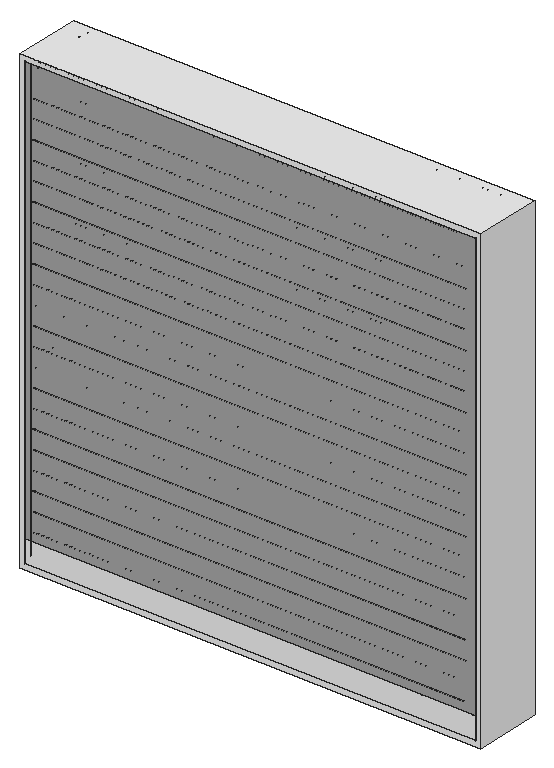
Revit family
Parameters (values of type "Louver_Wind-Drvn-Rn_ECD-745_All-Lite")
  URL = "http://www.alllite-louvers.com"
  Specifications = "http://www.alllite-louvers.com/catalog/AECD-745-csi-specification.doc"
  Spacing = 0.167 ft
  SmartBIM Object Version = 3  # constant formula
  SmartBIM Object Created By = "Reed Construction Data"  # constant formula
  Shim Thickness = 0.042 ft
  Screen Width = Width - (2 * Shim Thickness)  # 3.916 ft
  Screen Height = Height - (2 * Shim Thickness) - 0.197917 ft  # 3.718083 ft
  Screen = Aluminum
  Rough Width = 0.0 ft
  Rough Height = 0.0 ft
  Product URL = "http://www.alllite-louvers.com/catalog.php?model=ECD-745"
  Pressure Loss (in.wg.) = "0.50"  # constant formula
  OmniClass Title = "Exterior Louvers and Grilles"  # constant formula
  OmniClass Code = "23-60 11 17"  # constant formula
  Model Number = "ECD-745"  # constant formula
  Model = ""
  Minimum Size = "4.5\" x 6.5\""
  Maximum Size - Single Section = "60\" x 120\" or 120\" x 60\""
  Maximum Size - Multiple Section = "Unlimited"
  Manufacturer = "All-Lite"  # constant formula
  Louver Width = Width - (2 * Shim Thickness) - 2 * 0.067708 ft  # 3.780583 ft
  Louver = Mill finish, 6063-T5 Extruded Aluminum
  Installation = "http://www.alllite-louvers.com/catalog/Installation.pdf"
  Height = 4.0 ft
  Free Area for 48”x48” Louver = "52.5%"
  Free Area Velocity (fpm) = "1,197"  # constant formula
  Free Area (ft²) for 48"x48" Louver = 8.4 ft
  Frame = Mill finish, 6063-T5 Extruded Aluminum
  Default Sill Height = 3.0 ft
  Wall Closure = (empty or 0)
  Width = 4.0 ft
  Cut Sheet = "http://www.alllite-louvers.com/catalog/AECD745.pdf"
  Assembly Code = "B2010300"
  Air Volume Delivered (cfm) = "10,018"  # constant formula
  95 CSI = "10200 "  # constant formula
  04 CSI = "08 91 00"  # constant formula
  # of Louvers = (Height - 0.25 ft) / (Spacing)  # 22
Reference planes (ft)
  plane 1 "Center (Front/Back)": y = 0
  plane 2: z = 0.291667
  plane 3 "Center (Left/Right)": x = 0
  plane 4 "Left": x = -2
  plane 5 "Right": x = 2
  plane 6 "Sill": z = 3.291667
  plane 7 "Top": z = 7.291667
  plane 8: x = -1.958
  plane 9: x = 1.958
  plane 10: z = 7.249667
  plane 11: z = 3.333667
  plane 12: z = 5.291667
  plane 13: z = 3.417
  plane 14: z = 3.458667
  plane 15: z = 7.166333
  plane 16: z = 6.917708
  plane 17: x = -1.890292
  plane 18: x = 1.890292
Forms (ft)
  Sweep 1, solid, material "Mill finish, 6063-T5 Extruded Aluminum" <- "Frame"
    path origin (-5, 0.333333, 0) x (-1, 0, 0) y (0, 0, 1)
      loop
        line (-6.890292, 7.249667) -> (-3.109708, 7.249667)
    profile "Horizontal Mullion-1 : Horizontal Mullion-1" origin (0, 0.333333, 7.249667) x (0, 0, 1) y (0, 1, 0)
      loop
        line (-0.142259, -0.065762) -> (-0.137486, -0.070534) -> (-0.081526, -0.014574)
        arc (-0.081526, -0.014574) -> (-0.080431, -0.013843) -> (-0.079139, -0.013586) r 0.003375
        line (-0.079139, -0.013586) -> (-0.010875, -0.013586)
        arc (-0.010875, -0.013586) -> (-0.008489, -0.014574) -> (-0.0075, -0.016961) r 0.003375
        line (-0.0075, -0.016961) -> (-0.0075, -0.071626)
        arc (-0.0075, -0.071626) -> (-0.008489, -0.074012) -> (-0.010875, -0.075001) r 0.003375
        line (-0.010875, -0.075001) -> (-0.027583, -0.075001) -> (-0.027583, -0.081751) -> (-0.221042, -0.081751) -> (-0.221042, -0.013586) -> (-0.144458, -0.013586) -> (-0.144458, -0.006836) -> (-0.227792, -0.006836) -> (-0.227792, -0.088501) -> (-0.119922, -0.088501)
        arc (-0.119922, -0.088501) -> (-0.117535, -0.089489) -> (-0.116547, -0.091876) r 0.003375
        line (-0.116547, -0.091876) -> (-0.116547, -0.104255)
        arc (-0.116547, -0.104255) -> (-0.117106, -0.106115) -> (-0.118598, -0.107359) r 0.003375
        arc (-0.118598, -0.107359) -> (-0.126778, -0.117588) -> (-0.122761, -0.130054) r 0.013833
        arc (-0.122761, -0.130054) -> (-0.1191, -0.130727) -> (-0.117047, -0.127621) r 0.003375
        arc (-0.117047, -0.127621) -> (-0.117316, -0.1263) -> (-0.118082, -0.125189) r 0.003375
        arc (-0.118082, -0.125189) -> (-0.113172, -0.113001) -> (-0.108261, -0.125189) r 0.007083
        arc (-0.108261, -0.125189) -> (-0.109027, -0.1263) -> (-0.109297, -0.127621) r 0.003375
        arc (-0.109297, -0.127621) -> (-0.107243, -0.130727) -> (-0.103582, -0.130054) r 0.003375
        arc (-0.103582, -0.130054) -> (-0.099565, -0.117588) -> (-0.107745, -0.107359) r 0.013833
        arc (-0.107745, -0.107359) -> (-0.109237, -0.106115) -> (-0.109797, -0.104255) r 0.003375
        line (-0.109797, -0.104255) -> (-0.109797, -0.091876)
        arc (-0.109797, -0.091876) -> (-0.108808, -0.089489) -> (-0.106422, -0.088501) r 0.003375
        line (-0.106422, -0.088501) -> (-0.06925, -0.088501) -> (-0.06925, -0.095251) -> (-0.046442, -0.095251)
        arc (-0.046442, -0.095251) -> (-0.044055, -0.096239) -> (-0.043067, -0.098626) r 0.003375
        line (-0.043067, -0.098626) -> (-0.043067, -0.104255)
        arc (-0.043067, -0.104255) -> (-0.043626, -0.106115) -> (-0.045118, -0.107359) r 0.003375
        arc (-0.045118, -0.107359) -> (-0.053298, -0.117588) -> (-0.049281, -0.130054) r 0.013833
        arc (-0.049281, -0.130054) -> (-0.04562, -0.130727) -> (-0.043567, -0.127621) r 0.003375
        arc (-0.043567, -0.127621) -> (-0.043836, -0.1263) -> (-0.044602, -0.125189) r 0.003375
        arc (-0.044602, -0.125189) -> (-0.039692, -0.113001) -> (-0.034781, -0.125189) r 0.007083
        arc (-0.034781, -0.125189) -> (-0.035547, -0.1263) -> (-0.035817, -0.127621) r 0.003375
        arc (-0.035817, -0.127621) -> (-0.033763, -0.130727) -> (-0.030102, -0.130054) r 0.003375
        arc (-0.030102, -0.130054) -> (-0.026085, -0.117588) -> (-0.034266, -0.107359) r 0.013833
        arc (-0.034266, -0.107359) -> (-0.035758, -0.106115) -> (-0.036317, -0.104255) r 0.003375
        line (-0.036317, -0.104255) -> (-0.036317, -0.098626)
        arc (-0.036317, -0.098626) -> (-0.035328, -0.096239) -> (-0.032942, -0.095251) r 0.003375
        line (-0.032942, -0.095251) -> (-0.010875, -0.095251)
        arc (-0.010875, -0.095251) -> (-0.008489, -0.096239) -> (-0.0075, -0.098626) r 0.003375
        line (-0.0075, -0.098626) -> (-0.0075, -0.5253)
        arc (-0.0075, -0.5253) -> (-0.008489, -0.527687) -> (-0.010875, -0.528675) r 0.003375
        line (-0.010875, -0.528675) -> (-0.023858, -0.528675)
        arc (-0.023858, -0.528675) -> (-0.025719, -0.528116) -> (-0.026963, -0.526624) r 0.003375
        arc (-0.026963, -0.526624) -> (-0.037191, -0.518444) -> (-0.049657, -0.52246) r 0.013833
        arc (-0.049657, -0.52246) -> (-0.05033, -0.526122) -> (-0.047225, -0.528175) r 0.003375
        arc (-0.047225, -0.528175) -> (-0.045903, -0.527906) -> (-0.044793, -0.52714) r 0.003375
        arc (-0.044793, -0.52714) -> (-0.032604, -0.53205) -> (-0.044793, -0.53696) r 0.007083
        arc (-0.044793, -0.53696) -> (-0.045903, -0.536195) -> (-0.047225, -0.535925) r 0.003375
        arc (-0.047225, -0.535925) -> (-0.05033, -0.537978) -> (-0.049657, -0.54164) r 0.003375
        arc (-0.049657, -0.54164) -> (-0.037191, -0.545656) -> (-0.026963, -0.537476) r 0.013833
        arc (-0.026963, -0.537476) -> (-0.025719, -0.535984) -> (-0.023858, -0.535425) r 0.003375
        line (-0.023858, -0.535425) -> (-0.010875, -0.535425)
        arc (-0.010875, -0.535425) -> (-0.008489, -0.536414) -> (-0.0075, -0.5388) r 0.003375
        line (-0.0075, -0.5388) -> (-0.0075, -0.573208)
        arc (-0.0075, -0.573208) -> (-0.008489, -0.575595) -> (-0.010875, -0.576583) r 0.003375
        line (-0.010875, -0.576583) -> (-0.0625, -0.576583) -> (-0.0625, -0.583333) -> (0, -0.583333) -> (0, -0.006836) -> (-0.080537, -0.006836)
        arc (-0.080537, -0.006836) -> (-0.083121, -0.00735) -> (-0.08531, -0.008813) r 0.00675
        line (-0.08531, -0.008813) -> (-0.142259, -0.065762)
  Sweep 2, solid, material "Mill finish, 6063-T5 Extruded Aluminum" <- "Frame"
    path origin (-5, 0.333333, 0) x (-1, 0, 0) y (0, 0, 1)
      loop
        line (-6.958, 3.333667) -> (-3.042, 3.333667)
    profile "Horizontal Mullion : Horizontal Mullion" origin (0, 0.333333, 3.333667) x (0, 0, 1) y (0, 1, 0)
      loop
        line (0, 0) -> (0, -0.041545) -> (0.00675, -0.041545) -> (0.00675, -0.006628) -> (0.076583, -0.006628) -> (0.076583, -0.583333) -> (0.00675, -0.583333) -> (0.00675, -0.548417) -> (0, -0.548417) -> (0, -0.590083) -> (0.197917, -0.590083) -> (0.197917, -0.583333) -> (0.083333, -0.583333) -> (0.083333, 0) -> (0, 0)
  Sweep 3, solid, material "Mill finish, 6063-T5 Extruded Aluminum" <- "Frame"
    path origin (-5, 0.333333, 0) x (-1, 0, 0) y (0, 0, 1)
      loop
        line (-6.958, 3.417) -> (-6.958, 7.249667)
    profile "Vertical Mullion : Vertical Mullion" origin (1.958, 0.333333, 5.333333) x (1, 0, 0) y (0, 1, 0)
      loop
        line (-0.067708, -0.576583) -> (-0.052083, -0.576583) -> (-0.052083, -0.583333) -> (0, -0.583333) -> (0, -0.55575) -> (-0.00675, -0.55575) -> (-0.00675, -0.576583) -> (-0.045333, -0.576583) -> (-0.045333, -0.569833) -> (-0.060208, -0.569833) -> (-0.060208, -0.0885) -> (0, -0.0885) -> (0, 0) -> (-0.083333, 0) -> (-0.083333, -0.00675) -> (-0.067708, -0.00675) -> (-0.067708, -0.022375) -> (-0.060958, -0.022375) -> (-0.060958, -0.00675) -> (-0.00675, -0.00675) -> (-0.00675, -0.08175) -> (-0.067708, -0.08175) -> (-0.067708, -0.576583)
  Sweep 4, solid, material "Mill finish, 6063-T5 Extruded Aluminum" <- "Frame"
    path origin (5, 0.333333, 0) x (1, 0, 0) y (0, 0, -1)
      loop
        line (-6.958, -3.417) -> (-6.958, -7.249667)
    profile "Vertical Mullion : Vertical Mullion" origin (-1.958, 0.333333, 5.333333) x (1, 0, 0) y (0, 1, 0)
      loop
        line (0.067708, -0.576583) -> (0.067708, -0.08175) -> (0.00675, -0.08175) -> (0.00675, -0.00675) -> (0.060958, -0.00675) -> (0.060958, -0.022375) -> (0.067708, -0.022375) -> (0.067708, -0.00675) -> (0.083333, -0.00675) -> (0.083333, 0) -> (0, 0) -> (0, -0.0885) -> (0.060208, -0.0885) -> (0.060208, -0.569833) -> (0.045333, -0.569833) -> (0.045333, -0.576583) -> (0.00675, -0.576583) -> (0.00675, -0.55575) -> (0, -0.55575) -> (0, -0.583333) -> (0.052083, -0.583333) -> (0.052083, -0.576583) -> (0.067708, -0.576583)
  Sweep 5, solid, material "Mill finish, 6063-T5 Extruded Aluminum" <- "Frame"
    path origin (-5, 0.333333, 0) x (-1, 0, 0) y (0, 0, 1)
      loop
        line (-3, 7.291667) -> (-7, 7.291667) -> (-7, 3.291667) -> (-3, 3.291667) -> (-3, 7.291667)
    profile origin (-2, 0.333333, 5.291667) x (0, 1, 0) y (-1, 0, 0)
      loop
        line (0, 0) -> (-0.590083, 0) -> (-0.590083, -0.042) -> (0, -0.042) -> (0, 0)
  Extrusion 6, solid, material "Aluminum" <- "Screen"
    sketch origin (-5, 0.333333, 0) x (-1, 0, 0) y (0, 0, 1)
      loop
        line (-3.042, 7.249667) -> (-6.958, 7.249667) -> (-6.958, 3.53125) -> (-3.042, 3.53125) -> (-3.042, 7.249667)
    from -0.590083 to -0.583333
Lines and regions (ft)
  Opening 1
    outline origin (-5, -0.333333, 0) x (1, 0, 0) y (0, 0, 1)
      loop
        line (3, 7.291667) -> (3, 3.291667) -> (7, 3.291667) -> (7, 7.291667) -> (3, 7.291667)
  Masking region 1, detail levels coarse+medium
    outline origin (0, 0, 0) x (1, 0, 0) y (0, 1, 0)
      loop
        line (-2, 0.333333) -> (-2, -0.25675) -> (-1.890292, -0.25675) -> (-1.890292, 0.333333) -> (-2, 0.333333)
      loop
        line (2, -0.25675) -> (2, 0.333333) -> (1.890292, 0.333333) -> (1.890292, -0.25675) -> (2, -0.25675)
  Masking region 2, detail levels fine
    outline origin (0, 0, 0) x (1, 0, 0) y (0, 1, 0)
      loop
        line (1.897792, -0.2365) -> (1.897792, 0.244833) -> (1.958, 0.244833) -> (1.958, 0.333333) -> (1.874667, 0.333333) -> (1.874667, 0.326583) -> (1.890292, 0.326583) -> (1.890292, 0.310958) -> (1.897042, 0.310958) -> (1.897042, 0.326583) -> (1.95125, 0.326583) -> (1.95125, 0.251583) -> (1.890292, 0.251583) -> (1.890292, -0.24325) -> (1.905917, -0.24325) -> (1.905917, -0.25) -> (1.958, -0.25) -> (1.958, -0.222417) -> (1.95125, -0.222417) -> (1.95125, -0.24325) -> (1.912667, -0.24325) -> (1.912667, -0.2365) -> (1.897792, -0.2365)
      loop
        line (-1.95125, 0.251583) -> (-1.95125, 0.326583) -> (-1.897042, 0.326583) -> (-1.897042, 0.310958) -> (-1.890292, 0.310958) -> (-1.890292, 0.326583) -> (-1.874667, 0.326583) -> (-1.874667, 0.333333) -> (-1.958, 0.333333) -> (-1.958, 0.244833) -> (-1.897792, 0.244833) -> (-1.897792, -0.2365) -> (-1.912667, -0.2365) -> (-1.912667, -0.24325) -> (-1.95125, -0.24325) -> (-1.95125, -0.222417) -> (-1.958, -0.222417) -> (-1.958, -0.25) -> (-1.905917, -0.25) -> (-1.905917, -0.24325) -> (-1.890292, -0.24325) -> (-1.890292, 0.251583) -> (-1.95125, 0.251583)
Text (ft)
  text "EXTERIOR" at (-4.890733, 4.242245, 0), in view "Ref. Level"
  text "INTERIOR" at (-4.890733, -3.147199, 0), in view "Ref. Level"
  text "Exterior" at (0, 3.638026, 10.266337), in view "Left"
  text "Exterior" at (0, 1.524487, 10.420622), in view "Right"
Dimensions and locks (ft)
  equal spacing: plane 4 "Left", plane 3 "Center (Left/Right)", plane 5 "Right"
  "Width": plane 4 "Left" to plane 5 "Right"
  "Height": plane 6 "Sill" to plane 7 "Top"
  "Default Sill Height": plane 2 to plane 6 "Sill"
  "Shim Thickness": plane 4 "Left" to plane 8
  "Shim Thickness": plane 9 to plane 5 "Right"
  "Shim Thickness": plane 10 to plane 7 "Top"
  "Shim Thickness": plane 6 "Sill" to plane 11
  equal spacing: plane 11, plane 12, plane 10
  locked: plane 13 to plane 11 at 0.083333
  locked: plane 14 to plane 13 at 0.041667
  locked: plane 10 to plane 15 at 0.083333
  locked: plane 15 to plane 16 at 0.248625
  Extrusion 6 to plane 6 "Sill" = 0.239583 ft
  locked: plane 8 to plane 17 at 0.067708
  locked: plane 18 to plane 9 at 0.067708
  equal spacing: group 1, group 3, group 4, group 5, group 6, group 7, group 8, group 9, group 10, group 11, group 12, group 13, group 14, group 15, group 16, group 17, group 18, group 19, group 20, group 21, group 22, group 2  (x3)
  aligned and locked: plane 7 "Top" to Opening 1 sketch curve
  aligned and locked: plane 6 "Sill" to Opening 1 sketch curve  (x2)
  aligned and locked: plane 5 "Right" to Opening 1 sketch curve
  aligned and locked: plane 4 "Left" to Opening 1 sketch curve
  aligned and locked: plane 10 to Sweep 1 sketch curve
  aligned and locked: Sweep 2 sketch curve to plane 11
  aligned and locked: plane 9 to Sweep 2 sketch curve
  aligned and locked: plane 8 to Sweep 2 sketch curve
  aligned and locked: plane 9 to Sweep 3 sketch curve
  aligned and locked: Sweep 4 sketch curve to plane 8
  aligned and locked: Sweep 5 sketch curve to plane 4 "Left"
  aligned and locked: Sweep 5 sketch curve to plane 7 "Top"
  aligned and locked: Sweep 5 sketch curve to plane 6 "Sill"
  aligned and locked: Sweep 5 sketch curve to plane 5 "Right"
  aligned and locked: Sweep 5 sketch curve to host wall  (x2)
  aligned and locked: plane 8 to Sweep 5 sketch curve
  aligned and locked: Sweep 5 to Extrusion 6 sketch curve  (x2)
  aligned and locked: Sweep 5 to Extrusion 6
  aligned and locked: plane 3 "Center (Left/Right)" to nested 1
  aligned and locked: plane 14 to nested 1
  aligned and locked: plane 10 to Sweep 4 sketch curve
  aligned and locked: plane 10 to Sweep 3 sketch curve
  aligned and locked: Sweep 4 to Sweep 1 sketch curve
  aligned and locked: nested 1 to Sweep 4
  aligned and locked: nested 2 to plane 16
  aligned and locked: nested 2 to Sweep 4
  aligned and locked: plane 3 "Center (Left/Right)" to nested 2
  aligned and locked: plane 10 to Extrusion 6 sketch curve
  aligned and locked: Masking region 1 sketch curve to Sweep 5  (x3)
  aligned and locked: Sweep 5 to Masking region 1 sketch curve  (x2)
  aligned and locked: Masking region 1 sketch curve to Sweep 4
  aligned and locked: Masking region 1 sketch curve to plane 5 "Right"
  aligned and locked: Masking region 1 sketch curve to Sweep 3
  aligned and locked: Masking region 2 sketch curve to Sweep 3  (x20)
  aligned and locked: Masking region 2 sketch curve to Extrusion 6
  aligned and locked: Masking region 2 sketch curve to nested 5
  aligned and locked: Masking region 2 sketch curve to Sweep 4  (x22)
  aligned: Extrusion 6 to Sweep 2
  aligned and locked: Extrusion 6 to Sweep 4
  aligned and locked: Extrusion 6 to Sweep 1
  aligned and locked: Sweep 3 to Extrusion 6
Automatic sketch dimensions
  Extrusion 6 sketch curve to plane 6 "Sill" = 0.239583 ft
  Sweep 1 sketch curve to plane 18 = 0.0 ft
  Sweep 3 sketch curve to plane 13 = 0.0 ft
  Sweep 4 sketch curve to plane 13 = 0.0 ft
  Sweep 5 sketch curve to profile plane = 0.590083 ft
Nested families (ft)
  nested 1: "Louver" at (0, 0.03866, 3.458667), type "Louver"
    with Louver Length 3.780583 ft
  nested 2: "Louver" at (0, 0.03866, 6.834375), type "Louver"
    with Louver Length 3.780583 ft
  nested 3: "Louver" at (0, 0.03866, 3.619415), type "Louver"
    with Louver Length 3.780583 ft
  nested 4: "Louver" at (0, 0.03866, 3.780163), type "Louver"
    with Louver Length 3.780583 ft
  nested 5: "Louver" at (0, 0.03866, 3.940911), type "Louver"
    with Louver Length 3.780583 ft
  nested 6: "Louver" at (0, 0.03866, 4.101659), type "Louver"
    with Louver Length 3.780583 ft
  nested 7: "Louver" at (0, 0.03866, 4.262407), type "Louver"
    with Louver Length 3.780583 ft
  nested 8: "Louver" at (0, 0.03866, 4.423155), type "Louver"
    with Louver Length 3.780583 ft
  nested 9: "Louver" at (0, 0.03866, 4.583903), type "Louver"
    with Louver Length 3.780583 ft
  nested 10: "Louver" at (0, 0.03866, 4.744651), type "Louver"
    with Louver Length 3.780583 ft
  nested 11: "Louver" at (0, 0.03866, 4.905399), type "Louver"
    with Louver Length 3.780583 ft
  nested 12: "Louver" at (0, 0.03866, 5.066147), type "Louver"
    with Louver Length 3.780583 ft
  nested 13: "Louver" at (0, 0.03866, 5.226895), type "Louver"
    with Louver Length 3.780583 ft
  nested 14: "Louver" at (0, 0.03866, 5.387643), type "Louver"
    with Louver Length 3.780583 ft
  nested 15: "Louver" at (0, 0.03866, 5.548391), type "Louver"
    with Louver Length 3.780583 ft
  nested 16: "Louver" at (0, 0.03866, 5.709139), type "Louver"
    with Louver Length 3.780583 ft
  nested 17: "Louver" at (0, 0.03866, 5.869887), type "Louver"
    with Louver Length 3.780583 ft
  nested 18: "Louver" at (0, 0.03866, 6.030635), type "Louver"
    with Louver Length 3.780583 ft
  nested 19: "Louver" at (0, 0.03866, 6.191383), type "Louver"
    with Louver Length 3.780583 ft
  nested 20: "Louver" at (0, 0.03866, 6.352131), type "Louver"
    with Louver Length 3.780583 ft
  nested 21: "Louver" at (0, 0.03866, 6.512879), type "Louver"
    with Louver Length 3.780583 ft
  nested 22: "Louver" at (0, 0.03866, 6.673627), type "Louver"
    with Louver Length 3.780583 ft
Connectors (ft)
  hvac at (0, -0.25675, 5.390458), driven by "Screen Width", driven by "Screen Height"
    settings: on Extrusion 6, index 1
Definition of nested family "Louver"
  Parameters (values of type "Louver")
    q = 0.575846 ft
    Louver Length = 1.270833 ft
    Louver Array = yes
    Louver = none
    Assembly Code = ""
  Reference planes (ft)
    plane 1 "Center (Front/Back)": y = 0
    plane 2: z = 0
    plane 3 "Center (Left/Right)": x = 0
    plane 4: x = -0.635417
    plane 5: x = 0.635417
    plane 6: y = 0.287923
    plane 7: y = -0.287923
    plane 8: z = 0.207091
    plane 9: z = 0.083333
    plane 10: z = 0.020794
  Forms (ft)
    Extrusion 1, solid, material <- "Louver"
      sketch origin (0, 0, 0) x (0, 1, 0) y (0, 0, 1)
        loop
          arc (-0.09494, 0.055485) -> (-0.059509, 0.067237) -> (-0.029873, 0.089936) r 0.1125
          line (-0.029873, 0.089936) -> (0.008124, 0.130683)
          arc (0.008124, 0.130683) -> (0.041893, 0.15231) -> (0.081899, 0.155048) r 0.080833
          arc (0.081899, 0.155048) -> (0.140446, 0.135362) -> (0.191129, 0.100055) r 0.218167
          line (0.191129, 0.100055) -> (0.211385, 0.081166) -> (0.230913, 0.062956) -> (0.274446, 0.022361)
          arc (0.274446, 0.022361) -> (0.276286, 0.0212) -> (0.278424, 0.020794) r 0.005833
          line (0.278424, 0.020794) -> (0.28209, 0.020794)
          arc (0.28209, 0.020794) -> (0.286215, 0.022502) -> (0.287923, 0.026627) r 0.005833
          line (0.287923, 0.026627) -> (0.287923, 0.079166)
          arc (0.287923, 0.079166) -> (0.283757, 0.083333) -> (0.27959, 0.079166) r 0.004167
          line (0.27959, 0.079166) -> (0.27959, 0.035666)
          arc (0.27959, 0.035666) -> (0.277836, 0.032992) -> (0.274684, 0.033533) r 0.002917
          line (0.274684, 0.033533) -> (0.196812, 0.10615)
          arc (0.196812, 0.10615) -> (0.136533, 0.146483) -> (0.066596, 0.165696) r 0.2265
          line (0.066596, 0.165696) -> (0.068105, 0.170078)
          arc (0.068105, 0.170078) -> (0.065872, 0.173284) -> (0.062453, 0.171392) r 0.002917
          arc (0.062453, 0.171392) -> (0.049143, 0.171155) -> (0.059187, 0.179892) r 0.007083
          arc (0.059187, 0.179892) -> (0.063261, 0.18125) -> (0.061566, 0.185196) r 0.002917
          arc (0.061566, 0.185196) -> (0.060709, 0.186125) -> (0.060997, 0.187356) r 0.001349
          arc (0.060997, 0.187356) -> (0.083465, 0.198656) -> (0.107434, 0.19104) r 0.033333
          line (0.107434, 0.19104) -> (0.116298, 0.19104)
          arc (0.116298, 0.19104) -> (0.117439, 0.191779) -> (0.117232, 0.193121) r 0.00125
          arc (0.117232, 0.193121) -> (0.08659, 0.207091) -> (0.055628, 0.193844) r 0.041667
          line (0.055628, 0.193844) -> (0.048946, 0.186678) -> (-0.035968, 0.095619)
          arc (-0.035968, 0.095619) -> (-0.075547, 0.069137) -> (-0.122777, 0.063037) r 0.104167
          arc (-0.122777, 0.063037) -> (-0.148856, 0.067722) -> (-0.172909, 0.078835) r 0.104167
          arc (-0.172909, 0.078835) -> (-0.224728, 0.113292) -> (-0.278101, 0.145289) r 1.330609
          arc (-0.278101, 0.145289) -> (-0.279181, 0.146358) -> (-0.279577, 0.147825) r 0.002917
          line (-0.279577, 0.147825) -> (-0.279577, 0.183294)
          arc (-0.279577, 0.183294) -> (-0.283743, 0.187461) -> (-0.28791, 0.183294) r 0.004167
          line (-0.28791, 0.183294) -> (-0.28791, 0.144669)
          arc (-0.28791, 0.144669) -> (-0.287115, 0.141728) -> (-0.284946, 0.13959) r 0.005833
          arc (-0.284946, 0.13959) -> (-0.230419, 0.10703) -> (-0.177517, 0.071889) r 1.322276
          arc (-0.177517, 0.071889) -> (-0.152644, 0.060187) -> (-0.125676, 0.054867) r 0.1125
          arc (-0.125676, 0.054867) -> (-0.124301, 0.054208) -> (-0.123743, 0.052789) r 0.002083
          line (-0.123743, 0.052789) -> (-0.123743, 0.005833)
          arc (-0.123743, 0.005833) -> (-0.121566, 0.001288) -> (-0.11666, 0.000136) r 0.005833
          arc (-0.11666, 0.000136) -> (-0.113674, 0.000264) -> (-0.111144, 0.001855) r 0.005833
          line (-0.111144, 0.001855) -> (-0.088591, 0.02604)
          arc (-0.088591, 0.02604) -> (-0.088796, 0.031929) -> (-0.094685, 0.031724) r 0.004167
          line (-0.094685, 0.031724) -> (-0.11036, 0.014914)
          arc (-0.11036, 0.014914) -> (-0.113562, 0.01419) -> (-0.11541, 0.016903) r 0.002917
          line (-0.11541, 0.016903) -> (-0.11541, 0.036537)
          arc (-0.11541, 0.036537) -> (-0.114812, 0.037648) -> (-0.113555, 0.037761) r 0.001332
          arc (-0.113555, 0.037761) -> (-0.110876, 0.036946) -> (-0.108084, 0.036728) r 0.012917
          arc (-0.108084, 0.036728) -> (-0.105257, 0.039732) -> (-0.108262, 0.042558) r 0.002917
          arc (-0.108262, 0.042558) -> (-0.113494, 0.05464) -> (-0.101397, 0.049443) r 0.007083
          arc (-0.101397, 0.049443) -> (-0.098562, 0.046447) -> (-0.095566, 0.049282) r 0.002917
          arc (-0.095566, 0.049282) -> (-0.095686, 0.051427) -> (-0.096159, 0.053523) r 0.012917
          arc (-0.096159, 0.053523) -> (-0.096001, 0.054784) -> (-0.09494, 0.055485) r 0.001522
      from -0.635417 to 0.635417
  Dimensions and locks (ft)
    equal spacing: plane 4, plane 3 "Center (Left/Right)", plane 5
    "Louver Length": plane 4 to plane 5
    "q": plane 7 to plane 6
    equal spacing: plane 7, plane 1 "Center (Front/Back)", plane 6
    aligned and locked: plane 5 to Extrusion 1
    aligned and locked: Extrusion 1 to plane 4
    aligned: plane 10 to Extrusion 1
  Automatic sketch dimensions
    Extrusion 1 sketch curve to Extrusion 1 sketch curve = 0.0 ft  (x30)
    level to Extrusion 1 sketch curve = 0.000136 ft
    Extrusion 1 sketch curve to plane 6 = 0.0 ft
    Extrusion 1 sketch curve to Extrusion 1 sketch curve = 0.004167 ft  (x2)
    Extrusion 1 sketch curve to Extrusion 1 sketch curve = 0.005833 ft
    Extrusion 1 sketch curve to Extrusion 1 sketch curve = 0.003666 ft
    Extrusion 1 sketch curve to Extrusion 1 sketch curve = 0.002917 ft  (x2)
    Extrusion 1 sketch curve to Extrusion 1 sketch curve = 0.001989 ft
    Extrusion 1 sketch curve to Extrusion 1 sketch curve = 0.003978 ft
    Extrusion 1 sketch curve to Extrusion 1 sketch curve = 0.048677 ft
    Extrusion 1 sketch curve to Extrusion 1 sketch curve = 0.019528 ft
    Extrusion 1 sketch curve to Extrusion 1 sketch curve = 0.014573 ft
    Extrusion 1 sketch curve to Extrusion 1 sketch curve = 0.005683 ft
    Extrusion 1 sketch curve to plane 8 = 0.01397 ft
    Extrusion 1 sketch curve to Extrusion 1 sketch curve = 0.000934 ft
    Extrusion 1 sketch curve to Extrusion 1 sketch curve = 0.008865 ft
    Extrusion 1 sketch curve to Extrusion 1 sketch curve = 0.021332 ft
    Extrusion 1 sketch curve to Extrusion 1 sketch curve = 0.004202 ft
    Extrusion 1 sketch curve to Extrusion 1 sketch curve = 0.015304 ft
    Extrusion 1 sketch curve to Extrusion 1 sketch curve = 0.001509 ft
    Extrusion 1 sketch curve to plane 1 "Center (Front/Back)" = 0.067242 ft
    Extrusion 1 sketch curve to Extrusion 1 sketch curve = 0.002894 ft
    Extrusion 1 sketch curve to Extrusion 1 sketch curve = 0.002758 ft
    Extrusion 1 sketch curve to Extrusion 1 sketch curve = 0.00044 ft
    Extrusion 1 sketch curve to Extrusion 1 sketch curve = 0.000447 ft
    Extrusion 1 sketch curve to Extrusion 1 sketch curve = 0.001016 ft
    Extrusion 1 sketch curve to Extrusion 1 sketch curve = 0.000966 ft  (x2)
    Extrusion 1 sketch curve to Extrusion 1 sketch curve = 0.001413 ft
    Extrusion 1 sketch curve to Extrusion 1 sketch curve = 0.003432 ft
    Extrusion 1 sketch curve to Extrusion 1 sketch curve = 0.005369 ft
    Extrusion 1 sketch curve to plane 8 = 0.020413 ft
    Extrusion 1 sketch curve to Extrusion 1 sketch curve = 0.006682 ft
    Extrusion 1 sketch curve to plane 1 "Center (Front/Back)" = 0.04234 ft
    Extrusion 1 sketch curve to plane 1 "Center (Front/Back)" = 0.008124 ft
    plane 1 "Center (Front/Back)" to Extrusion 1 sketch curve = 0.029873 ft
    Extrusion 1 sketch curve to Extrusion 1 sketch curve = 0.006095 ft  (x2)
    level to Extrusion 1 sketch curve = 0.02604 ft
    Extrusion 1 sketch curve to Extrusion 1 sketch curve = 0.058717 ft
    Extrusion 1 sketch curve to Extrusion 1 sketch curve = 0.003047 ft  (x2)
    level to Extrusion 1 sketch curve = 0.031724 ft
    Extrusion 1 sketch curve to Extrusion 1 sketch curve = 0.000022 ft
    Extrusion 1 sketch curve to Extrusion 1 sketch curve = 0.000233 ft
    Extrusion 1 sketch curve to Extrusion 1 sketch curve = 0.000859 ft
    Extrusion 1 sketch curve to Extrusion 1 sketch curve = 0.001452 ft
    Extrusion 1 sketch curve to Extrusion 1 sketch curve = 0.002916 ft
    Extrusion 1 sketch curve to Extrusion 1 sketch curve = 0.013398 ft
    Extrusion 1 sketch curve to Extrusion 1 sketch curve = 0.000089 ft
    Extrusion 1 sketch curve to Extrusion 1 sketch curve = 0.000216 ft
    level to Extrusion 1 sketch curve = 0.014914 ft
    Extrusion 1 sketch curve to Extrusion 1 sketch curve = 0.002277 ft
    level to Extrusion 1 sketch curve = 0.001855 ft
    Extrusion 1 sketch curve to Extrusion 1 sketch curve = 0.000784 ft
    Extrusion 1 sketch curve to plane 8 = 0.04043 ft
    Extrusion 1 sketch curve to Extrusion 1 sketch curve = 0.076183 ft
    Extrusion 1 sketch curve to Extrusion 1 sketch curve = 0.002133 ft
    Extrusion 1 sketch curve to Extrusion 1 sketch curve = 0.005471 ft
    Extrusion 1 sketch curve to Extrusion 1 sketch curve = 0.000523 ft
    Extrusion 1 sketch curve to Extrusion 1 sketch curve = 0.005516 ft
    Extrusion 1 sketch curve to Extrusion 1 sketch curve = 0.005398 ft
    Extrusion 1 sketch curve to Extrusion 1 sketch curve = 0.014299 ft
    Extrusion 1 sketch curve to Extrusion 1 sketch curve = 0.001933 ft
    Extrusion 1 sketch curve to Extrusion 1 sketch curve = 0.000151 ft
    Extrusion 1 sketch curve to Extrusion 1 sketch curve = 0.050131 ft
    Extrusion 1 sketch curve to Extrusion 1 sketch curve = 0.004608 ft
    Extrusion 1 sketch curve to plane 7 = 0.011263 ft
    Extrusion 1 sketch curve to Extrusion 1 sketch curve = 0.001441 ft
    Extrusion 1 sketch curve to plane 7 = 0.008346 ft
    Extrusion 1 sketch curve to Extrusion 1 sketch curve = 0.003976 ft
    Extrusion 1 sketch curve to plane 7 = 0.002977 ft
    plane 7 to Extrusion 1 sketch curve = 0.647473 ft
    Extrusion 1 sketch curve to level = 0.059502 ft
    Extrusion 1 sketch curve to level = 1.011639 ft
    level to Extrusion 1 sketch curve = 0.020794 ft
    Extrusion 1 sketch curve to Extrusion 1 sketch curve = 0.001567 ft
    Extrusion 1 sketch curve to Extrusion 1 sketch curve = 0.006906 ft
    Extrusion 1 sketch curve to Extrusion 1 sketch curve = 0.029423 ft
    level to Extrusion 1 sketch curve = 0.075555 ft
    Extrusion 1 sketch curve to Extrusion 1 sketch curve = 0.0435 ft
    Extrusion 1 sketch curve to Extrusion 1 sketch curve = 0.01821 ft
    Extrusion 1 sketch curve to Extrusion 1 sketch curve = 0.010379 ft
    Extrusion 1 sketch curve to Extrusion 1 sketch curve = 0.004382 ft
    Extrusion 1 sketch curve to plane 8 = 0.023797 ft
    Extrusion 1 sketch curve to Extrusion 1 sketch curve = 0.00125 ft
    Extrusion 1 sketch curve to Extrusion 1 sketch curve = 0.0025 ft
